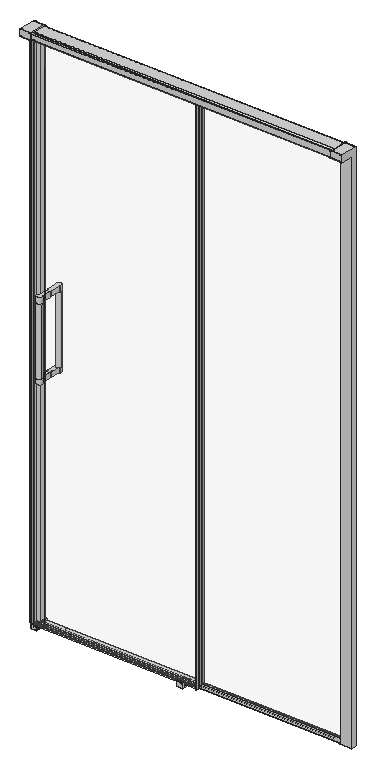
Revit family "Shower-Shower_Door-KOHLER-COMPOSED-1.1922.016_1", category Specialty Equipment, host Face, Revit 2017
Family settings
  Host = Face
  Round Connector Dimension = Use Diameter
  Part Type = Normal
  OmniClass Number = 23.31.17.17
  OmniClass Title = Shower Enclosures
  Cut with Voids When Loaded = No
  Shared = No
  Room Calculation Point = No
Parameters (values of type "Polished Chrome")
  Width [instance] = 47 31/128"
  WaterSense Certified = 1 = 0  # no
  URL = "https://www.kohler.co.uk/"
  Type = 1
  Product Page URL = ""
  Product Name = "COMPOSED"  # constant formula
  Product Documentation Link = ""
  Model = "1.1922.016"  # constant formula
  Material = "Premium Metal Construction"  # constant formula
  Master Format 2014 Name = "Shower Doors"  # constant formula
  Master Format 2014 = "10 28 19.16"  # constant formula
  Manufacturer Address = "Cromwell Road, Cheltenham, Gloucestershire. GL52 5EP Registered in England No. 252115"  # constant formula
  Manufacturer = "KOHLER Co."  # constant formula
  Length = 4.33071"  # constant formula
  Height = 78 105/128"  # constant formula
  Finish = Kohler-Metal-CP-Polished_Chrome
  Environmental Product Declaration = ""
  Description = "SLIDING DOOR 1200MM"  # constant formula
  Default Elevation = 4"
  Declare Label = ""
  Date Modified = "10/13/2021"  # constant formula
  Date Created = "10/13/2021"  # constant formula
  Copyright = "Copyright KOHLER Co."  # constant formula
  Contact Us = "https://www.kohler.co.uk/support/contact/"
  Assembly Code = "C1030200"
  ADA Compliant = 1 = 0  # no
Reference planes (in)
  plane 1 "Center (Front/Back)": y = 0
  plane 2: z = 0
  plane 3 "Center (Left/Right)": x = 0
  plane 4: z = 78.74016
  plane 5: z = 77.79528
  plane 6: z = 33.77953
  plane 7: z = 45.11811
  plane 8: x = -23.62205
  plane 9: x = -20.19699
  plane 10: x = -22.04724
  plane 11: x = 23.62014
  plane 12: y = -2.35852
  plane 13: y = -1.25984
  plane 14: y = 1.25984
  plane 15: y = 1.97219
  plane 16: x = 1.65354
  plane 17: x = 22.04534
  plane 18: y = -0.35064
  plane 19: y = -0.03568
  plane 20: z = 78.82031
Dimensions and locks (in)
  plane 4 to plane 5 = 0.94488"
  plane 6 to level = 33.77953"
  plane 7 to plane 6 = 11.33858"
  "Width": plane 11 to plane 8
  plane 16 to plane 8 = 25.27559"
  plane 9 to plane 8 = 3.42506"
  plane 5 to level = 77.79528"
  plane 18 to plane 12 = 2.00787"
  plane 15 to plane 19 = 2.00787"
  locked: plane 17 to plane 11 at 1.5748
  plane 8 to plane 10 = 1.5748"
  "Length": plane 15 to plane 12
  plane 14 to plane 13 = 2.51969"
  "Height": plane 20 to level
  plane 4 to level = 78.74016"
  aligned and locked: plane 2 to host face
  aligned and locked: level to host face
  aligned and locked: nested 1 to plane 3 "Center (Left/Right)"
Automatic sketch dimensions
  host sketch curve to host sketch curve = 96"  (x2)
Nested families (in)
  nested 1: "1.1922.016" at (-1.9685, 0, 0), type "1.1922.016"
Definition of nested family "1.1922.016"
  Parameters (values of type "1.1922.016")
    Width = 47.24409"
    Material = none
  Reference planes (in)
    plane 1 "Center (Front/Back)": y = 0
    plane 2: z = 0
    plane 3 "Center (Left/Right)": x = 0
    plane 4: y = 1.25984
    plane 5: y = -1.25984
    plane 6: x = -21.65354
    plane 7: x = 25.59055
    plane 8: x = 3.62205
    plane 9: x = -20.07874
    plane 10: y = 1.97219
    plane 11: y = -2.35852
    plane 12: y = -0.35064
    plane 13: y = -0.03568
    plane 14: x = -18.22849
    plane 15: z = 78.74016
    plane 16: z = 77.79528
    plane 17: z = 45.11811
    plane 18: z = 33.77953
    plane 19: x = 24.01575
    plane 20: x = 1.9685
    plane 21: z = 78.8189
  Forms (in)
    Extrusion 1, solid, material <- "Material", detail levels medium+fine
      sketch origin (0, 0, 0) x (0, 1, 0) y (0, 0, 1)
        loop
          arc (-1.22047, 78.8189) -> (-1.24831, 78.80737) -> (-1.25984, 78.77953) r 0.03937
          line (-1.25984, 78.77953) -> (-1.25984, 77.83465)
          arc (-1.25984, 77.83465) -> (-1.24831, 77.80681) -> (-1.22047, 77.79528) r 0.03937
          line (-1.22047, 77.79528) -> (0.53525, 77.79528) -> (0.53525, 0) -> (1.25984, 0) -> (1.25984, 78.77953)
          arc (1.25984, 78.77953) -> (1.24831, 78.80737) -> (1.22047, 78.8189) r 0.03937
          line (1.22047, 78.8189) -> (-1.22047, 78.8189)
      from 24.01575 to 25.59055
    Extrusion 2, solid, material <- "Material", detail levels medium+fine
      sketch origin (1.42856, 0, 0) x (0, 0, 1) y (0, -1, 0)
        loop
          arc (77.83465, 1.25984) -> (77.80681, 1.24831) -> (77.79528, 1.22047) r 0.03937
          line (77.79528, 1.22047) -> (77.79528, -1.22047)
          arc (77.79528, -1.22047) -> (77.80681, -1.24831) -> (77.83465, -1.25984) r 0.03937
          line (77.83465, -1.25984) -> (78.77953, -1.25984)
          arc (78.77953, -1.25984) -> (78.80737, -1.24831) -> (78.8189, -1.22047) r 0.03937
          line (78.8189, -1.22047) -> (78.8189, 1.22047)
          arc (78.8189, 1.22047) -> (78.80737, 1.24831) -> (78.77953, 1.25984) r 0.03937
          line (78.77953, 1.25984) -> (77.83465, 1.25984)
      from -23.0821 to -21.5073
    Extrusion 3, solid, material <- "Material", detail levels medium+fine
      sketch origin (0, 0, 0) x (1, 0, 0) y (0, 1, 0)
        loop
          arc (-21.61417, 0.63846) -> (-21.61974, 0.62428) -> (-21.63346, 0.61767) r 0.02085
          arc (-21.63346, 0.61767) -> (-21.64775, 0.61079) -> (-21.65354, 0.59602) r 0.02171
          line (-21.65354, 0.59602) -> (-21.65354, 0.56349)
          arc (-21.65354, 0.56349) -> (-21.64749, 0.54839) -> (-21.63269, 0.54164) r 0.02187
          arc (-21.63269, 0.54164) -> (-21.22991, 0.52763) -> (-20.82691, 0.52321) r 16.93887
          line (-20.82691, 0.52321) -> (-20.82691, -0.35909)
          arc (-20.82691, -0.35909) -> (-20.81342, -0.38898) -> (-20.78208, -0.39862) r 0.03984
          line (-20.78208, -0.39862) -> (-20.59034, -0.37439)
          arc (-20.59034, -0.37439) -> (-20.56645, -0.3436) -> (-20.59725, -0.31971) r 0.02756
          line (-20.59725, -0.31971) -> (-20.7606, -0.34035)
          arc (-20.7606, -0.34035) -> (-20.77944, -0.33455) -> (-20.78754, -0.3166) r 0.02394
          line (-20.78754, -0.3166) -> (-20.78754, -0.04168)
          arc (-20.78754, -0.04168) -> (-20.77949, -0.02392) -> (-20.76082, -0.01826) r 0.02362
          line (-20.76082, -0.01826) -> (-20.59826, -0.03979)
          arc (-20.59826, -0.03979) -> (-20.56732, -0.01609) -> (-20.59103, 0.01485) r 0.02756
          line (-20.59103, 0.01485) -> (-20.79542, 0.04191) -> (-20.79542, 0.52327)
          arc (-20.79542, 0.52327) -> (-20.43215, 0.52817) -> (-20.06907, 0.54087) r 16.93887
          arc (-20.06907, 0.54087) -> (-20.0424, 0.553) -> (-20.0315, 0.5802) r 0.03937
          line (-20.0315, 0.5802) -> (-20.0315, 1.2026)
          arc (-20.0315, 1.2026) -> (-20.0424, 1.22979) -> (-20.06907, 1.24193) r 0.03937
          arc (-20.06907, 1.24193) -> (-20.85089, 1.25959) -> (-21.63269, 1.24116) r 16.93887
          arc (-21.63269, 1.24116) -> (-21.64749, 1.23441) -> (-21.65354, 1.21931) r 0.02187
          line (-21.65354, 1.21931) -> (-21.65354, 1.18677)
          arc (-21.65354, 1.18677) -> (-21.64775, 1.17201) -> (-21.63346, 1.16513) r 0.02171
          arc (-21.63346, 1.16513) -> (-21.61974, 1.15852) -> (-21.61417, 1.14434) r 0.02085
          line (-21.61417, 1.14434) -> (-21.61417, 0.63846)
      from 0 to 77.79528
    Extrusion 4, solid, material <- "Material", detail levels medium+fine
      sketch origin (0, 0, 0) x (0, 1, 0) y (0, 0, 1)
        loop
          line (-0.55151, 0) -> (0.53525, 0) -> (0.53525, 0.57577)
          arc (0.53525, 0.57577) -> (0.52746, 0.59457) -> (0.50866, 0.60236) r 0.02659
          line (0.50866, 0.60236) -> (0.08257, 0.60236)
          arc (0.08257, 0.60236) -> (0.06571, 0.59538) -> (0.05873, 0.57852) r 0.02384
          line (0.05873, 0.57852) -> (0.05873, 0.54471)
          arc (0.05873, 0.54471) -> (0.0649, 0.5298) -> (0.07982, 0.52362) r 0.02109
          line (0.07982, 0.52362) -> (0.42064, 0.52362)
          arc (0.42064, 0.52362) -> (0.43616, 0.51719) -> (0.44259, 0.50168) r 0.02195
          line (0.44259, 0.50168) -> (0.44259, 0.137)
          arc (0.44259, 0.137) -> (0.43129, 0.10972) -> (0.40401, 0.09843) r 0.03858
          line (0.40401, 0.09843) -> (-0.4269, 0.09843)
          arc (-0.4269, 0.09843) -> (-0.44541, 0.10609) -> (-0.45308, 0.12461) r 0.02618
          line (-0.45308, 0.12461) -> (-0.45308, 0.58105)
          arc (-0.45308, 0.58105) -> (-0.45933, 0.59612) -> (-0.4744, 0.60236) r 0.02131
          line (-0.4744, 0.60236) -> (-0.52844, 0.60236)
          arc (-0.52844, 0.60236) -> (-0.54475, 0.59561) -> (-0.55151, 0.5793) r 0.02307
          line (-0.55151, 0.5793) -> (-0.55151, 0)
      from -20.55119 to -19.76379
    Extrusion 5, solid, material <- "Material", detail levels medium+fine
      sketch origin (0, 0, 0) x (0, 1, 0) y (0, 0, 1)
        loop
          line (1.16693, 0.02339) -> (1.16693, 0.58165)
          arc (1.16693, 0.58165) -> (1.16086, 0.5963) -> (1.14622, 0.60236) r 0.02071
          line (1.14622, 0.60236) -> (0.61574, 0.60236) -> (0.61574, 0.02343)
          arc (0.61574, 0.02343) -> (0.63937, -0.00019) -> (0.66299, 0.02343) r 0.02362
          line (0.66299, 0.02343) -> (0.66299, 0.05786)
          arc (0.66299, 0.05786) -> (0.6691, 0.07262) -> (0.68387, 0.07874) r 0.02088
          line (0.68387, 0.07874) -> (1.09896, 0.07874)
          arc (1.09896, 0.07874) -> (1.11361, 0.07267) -> (1.11968, 0.05802) r 0.02072
          line (1.11968, 0.05802) -> (1.11968, 0.02339)
          arc (1.11968, 0.02339) -> (1.1433, -0.00023) -> (1.16693, 0.02339) r 0.02362
      from -19.76379 to 24.01575
    Extrusion 6, solid, material <- "Material", detail levels medium+fine
      sketch origin (0, 0, 0) x (0, 1, 0) y (0, 0, 1)
        loop
          line (1.16693, 0.62377) -> (1.16693, 0.66823)
          arc (1.16693, 0.66823) -> (1.16112, 0.68202) -> (1.1472, 0.6875) r 0.01927
          line (1.1472, 0.6875) -> (0.41322, 0.67006) -> (0.09963, 0.66121)
          arc (0.09963, 0.66121) -> (0.08592, 0.64689) -> (0.10005, 0.63298) r 0.01411
          line (0.10005, 0.63298) -> (0.57051, 0.63386) -> (0.60201, 0.60236) -> (1.14551, 0.60236)
          arc (1.14551, 0.60236) -> (1.16065, 0.60863) -> (1.16693, 0.62377) r 0.02141
      from -20.07874 to 3.10645
    Extrusion 7, solid, material <- "Material", detail levels medium+fine
      sketch origin (0, 0, 0) x (0, 1, 0) y (0, 0, 1)
        loop
          line (-0.59786, 0) -> (0.61574, 0) -> (0.61574, 0.6752) -> (0.04143, 0.6752)
          arc (0.04143, 0.6752) -> (0.01359, 0.66367) -> (0.00206, 0.63583) r 0.03937
          line (0.00206, 0.63583) -> (0.00206, 0.1378)
          arc (0.00206, 0.1378) -> (-0.00947, 0.10996) -> (-0.03731, 0.09843) r 0.03937
          line (-0.03731, 0.09843) -> (-0.35227, 0.09843)
          arc (-0.35227, 0.09843) -> (-0.38011, 0.10996) -> (-0.39164, 0.1378) r 0.03937
          line (-0.39164, 0.1378) -> (-0.39164, 0.63583)
          arc (-0.39164, 0.63583) -> (-0.40317, 0.66367) -> (-0.43101, 0.6752) r 0.03937
          line (-0.43101, 0.6752) -> (-0.55849, 0.6752)
          arc (-0.55849, 0.6752) -> (-0.58633, 0.66367) -> (-0.59786, 0.63583) r 0.03937
          line (-0.59786, 0.63583) -> (-0.59786, 0)
      from 0.84646 to 1.7126
    Extrusion 8, solid, material <- "Material", detail levels medium+fine
      sketch origin (0, 0, 0) x (1, 0, 0) y (0, 1, 0)
        loop
          arc (3.58254, -0.34282) -> (3.57561, -0.35812) -> (3.55955, -0.363) r 0.02035
          line (3.55955, -0.363) -> (3.46483, -0.35064)
          arc (3.46483, -0.35064) -> (3.45355, -0.34036) -> (3.43913, -0.33538) r 0.03783
          line (3.43913, -0.33538) -> (3.4079, -0.3313)
          arc (3.4079, -0.3313) -> (3.37701, -0.35506) -> (3.40077, -0.38596) r 0.02756
          line (3.40077, -0.38596) -> (3.56112, -0.40688)
          arc (3.56112, -0.40688) -> (3.60635, -0.39312) -> (3.62584, -0.35006) r 0.0573
          line (3.62584, -0.35006) -> (3.62584, 0.18323)
          arc (3.62584, 0.18323) -> (3.60313, 0.32364) -> (3.53732, 0.44974) r 0.44544
          arc (3.53732, 0.44974) -> (3.49473, 0.4854) -> (3.44068, 0.49819) r 0.12061
          line (3.44068, 0.49819) -> (3.36969, 0.49819)
          arc (3.36969, 0.49819) -> (3.34607, 0.47457) -> (3.36969, 0.45094) r 0.02362
          line (3.36969, 0.45094) -> (3.44032, 0.45094)
          arc (3.44032, 0.45094) -> (3.4688, 0.44454) -> (3.49178, 0.42655) r 0.06648
          arc (3.49178, 0.42655) -> (3.55625, 0.3124) -> (3.5786, 0.18323) r 0.38438
          line (3.5786, 0.18323) -> (3.5786, 0.02575) -> (3.39953, 0.0058)
          arc (3.39953, 0.0058) -> (3.37514, -0.02501) -> (3.40617, -0.04911) r 0.02765
          line (3.40617, -0.04911) -> (3.4374, -0.04503)
          arc (3.4374, -0.04503) -> (3.45256, -0.03996) -> (3.4647, -0.02956) r 0.04168
          line (3.4647, -0.02956) -> (3.55834, -0.01734)
          arc (3.55834, -0.01734) -> (3.57525, -0.02248) -> (3.58254, -0.03858) r 0.02142
          line (3.58254, -0.03858) -> (3.58254, -0.34282)
        loop
          arc (3.14943, 1.13142) -> (3.15635, 1.14671) -> (3.17241, 1.1516) r 0.02035
          line (3.17241, 1.1516) -> (3.26713, 1.13924)
          arc (3.26713, 1.13924) -> (3.27841, 1.12896) -> (3.29283, 1.12398) r 0.03783
          line (3.29283, 1.12398) -> (3.32406, 1.1199)
          arc (3.32406, 1.1199) -> (3.35495, 1.14366) -> (3.33119, 1.17455) r 0.02756
          line (3.33119, 1.17455) -> (3.17084, 1.19548)
          arc (3.17084, 1.19548) -> (3.12562, 1.18172) -> (3.10612, 1.13866) r 0.0573
          line (3.10612, 1.13866) -> (3.10612, 0.60537)
          arc (3.10612, 0.60537) -> (3.12883, 0.46496) -> (3.19464, 0.33886) r 0.44544
          arc (3.19464, 0.33886) -> (3.23723, 0.3032) -> (3.29128, 0.29041) r 0.12061
          line (3.29128, 0.29041) -> (3.36227, 0.29041)
          arc (3.36227, 0.29041) -> (3.38589, 0.31403) -> (3.36227, 0.33765) r 0.02362
          line (3.36227, 0.33765) -> (3.29164, 0.33765)
          arc (3.29164, 0.33765) -> (3.26316, 0.34406) -> (3.24018, 0.36205) r 0.06648
          arc (3.24018, 0.36205) -> (3.17572, 0.4762) -> (3.15336, 0.60537) r 0.38438
          line (3.15336, 0.60537) -> (3.15336, 0.76285) -> (3.33243, 0.7828)
          arc (3.33243, 0.7828) -> (3.35682, 0.8136) -> (3.32579, 0.83771) r 0.02765
          line (3.32579, 0.83771) -> (3.29456, 0.83363)
          arc (3.29456, 0.83363) -> (3.2794, 0.82856) -> (3.26726, 0.81815) r 0.04168
          line (3.26726, 0.81815) -> (3.17362, 0.80593)
          arc (3.17362, 0.80593) -> (3.15671, 0.81108) -> (3.14943, 0.82718) r 0.02142
          line (3.14943, 0.82718) -> (3.14943, 1.13142)
      from 0.36643 to 77.79528
    Extrusion 9, solid, material <- "Material", detail levels medium+fine
      sketch origin (0, 0, 0) x (0, 1, 0) y (0, 0, 1)
        loop
          arc (-1.1649, 77.8382) -> (-1.15233, 77.80785) -> (-1.12198, 77.79528) r 0.04292
          line (-1.12198, 77.79528) -> (-0.48364, 77.79528)
          arc (-0.48364, 77.79528) -> (-0.45804, 77.82087) -> (-0.48364, 77.84647) r 0.0256
          line (-0.48364, 77.84647) -> (-1.08616, 77.84647) -> (-1.08616, 78.55868) -> (-0.74681, 78.55868) -> (-0.63621, 78.6693) -> (0.25573, 78.6693) -> (0.25573, 77.84646) -> (0.10897, 77.84646)
          arc (0.10897, 77.84646) -> (0.08338, 77.82087) -> (0.10897, 77.79528) r 0.02559
          line (0.10897, 77.79528) -> (1.13549, 77.79528)
          arc (1.13549, 77.79528) -> (1.16333, 77.80681) -> (1.17486, 77.83465) r 0.03937
          line (1.17486, 77.83465) -> (1.17486, 78.7008)
          arc (1.17486, 78.7008) -> (1.16333, 78.72864) -> (1.13549, 78.74017) r 0.03937
          line (1.13549, 78.74017) -> (-0.66557, 78.74017) -> (-0.77617, 78.62955) -> (-1.01238, 78.62955) -> (-1.11296, 78.73011)
          arc (-1.11296, 78.73011) -> (-1.14612, 78.73671) -> (-1.1649, 78.7086) r 0.03043
          line (-1.1649, 78.7086) -> (-1.1649, 77.8382)
      from -20.07874 to 24.01575
    Extrusion 10, solid
      sketch origin (0, 0, 0) x (1, 0, 0) y (0, 1, 0)
        loop
          line (-20.78754, -0.07505) -> (-20.78754, -0.31127) -> (-20.74817, -0.35064) -> (3.54317, -0.35064) -> (3.58254, -0.31127) -> (3.58254, -0.07505) -> (3.54317, -0.03568) -> (-20.74817, -0.03568) -> (-20.78754, -0.07505)
        loop
          line (24.60612, 0.80669) -> (24.60612, 1.04291) -> (24.56675, 1.08228) -> (3.1888, 1.08228) -> (3.14943, 1.04291) -> (3.14943, 0.80669) -> (3.1888, 0.76732) -> (24.56675, 0.76732) -> (24.60612, 0.80669)
      from 0.36643 to 78.24803
    Extrusion 11, solid, material <- "Material"
      sketch origin (0, 0, 0) x (1, 0, 0) y (0, 1, 0)
        loop
          line (-17.93321, -0.39001) -> (-18.04861, -0.39001) -> (-18.04861, 0.00369) -> (-17.93321, 0.00369) -> (-17.93321, 1.25102)
          arc (-17.93321, 1.25102) -> (-17.92474, 1.30814) -> (-17.90005, 1.36036) r 0.19685
          arc (-17.90005, 1.36036) -> (-18.22616, 1.97274) -> (-18.55622, 1.36248) r 0.3937
          arc (-18.55622, 1.36248) -> (-18.53205, 1.31071) -> (-18.52376, 1.25419) r 0.19685
          line (-18.52376, 1.25419) -> (-18.52376, 0.00369) -> (-18.40392, 0.00369) -> (-18.40392, -0.39001) -> (-18.52376, -0.39001) -> (-18.52376, -1.64052)
          arc (-18.52376, -1.64052) -> (-18.53205, -1.69704) -> (-18.55622, -1.7488) r 0.19685
          arc (-18.55622, -1.7488) -> (-18.22616, -2.35906) -> (-17.90005, -1.74668) r 0.3937
          arc (-17.90005, -1.74668) -> (-17.92474, -1.69447) -> (-17.93321, -1.63734) r 0.19685
          line (-17.93321, -1.63734) -> (-17.93321, -0.39001)
      from 44.40186 to 45.11811
    Extrusion 12, solid, material <- "Material"
      sketch origin (0, 0, 0) x (1, 0, 0) y (0, 1, 0)
        loop
          line (-17.93321, -0.39001) -> (-18.04861, -0.39001) -> (-18.04861, 0.00369) -> (-17.93321, 0.00369) -> (-17.93321, 1.25102)
          arc (-17.93321, 1.25102) -> (-17.92474, 1.30814) -> (-17.90005, 1.36036) r 0.19685
          arc (-17.90005, 1.36036) -> (-18.22616, 1.97274) -> (-18.55622, 1.36248) r 0.3937
          arc (-18.55622, 1.36248) -> (-18.53205, 1.31071) -> (-18.52376, 1.25419) r 0.19685
          line (-18.52376, 1.25419) -> (-18.52376, 0.00369) -> (-18.40392, 0.00369) -> (-18.40392, -0.39001) -> (-18.52376, -0.39001) -> (-18.52376, -1.64052)
          arc (-18.52376, -1.64052) -> (-18.53205, -1.69704) -> (-18.55622, -1.7488) r 0.19685
          arc (-18.55622, -1.7488) -> (-18.22616, -2.35906) -> (-17.90005, -1.74668) r 0.3937
          arc (-17.90005, -1.74668) -> (-17.92474, -1.69447) -> (-17.93321, -1.63734) r 0.19685
          line (-17.93321, -1.63734) -> (-17.93321, -0.39001)
      from 33.77953 to 34.4806
    Extrusion 13, solid, material <- "Material"
      sketch origin (0, 0, 0) x (1, 0, 0) y (0, 1, 0)
        loop
          circle (-18.22743, 1.57904) r 0.3937
        loop
          circle (-18.22743, -1.96536) r 0.3937
      from 34.4806 to 44.40186
    Extrusion 14, solid, material <- "Material", detail levels medium+fine
      sketch origin (0, -4.7515, 0) x (0, 1, 0) y (0, 0, 1)
        loop
          line (5.97103, 0.78803) -> (5.31384, 0.77242)
          arc (5.31384, 0.77242) -> (5.28661, 0.76057) -> (5.2754, 0.73306) r 0.03937
          line (5.2754, 0.73306) -> (5.2754, 0) -> (5.33234, 0) -> (5.33234, 0.68659) -> (5.91108, 0.70034) -> (5.91108, 0) -> (6.01134, 0) -> (6.01134, 0.74867)
          arc (6.01134, 0.74867) -> (5.99947, 0.77684) -> (5.97103, 0.78803) r 0.03937
      from -20.07874 to -19.76379
    Extrusion 15, solid, material <- "Material", detail levels coarse
      sketch origin (0, 0, 0) x (1, 0, 0) y (0, 1, 0)
        loop
          line (-21.65354, 1.25984) -> (-21.65354, -1.25984) -> (25.59055, -1.25984) -> (25.59055, 1.25984) -> (-21.65354, 1.25984)
      from 77.79528 to 78.8189
    Extrusion 16, solid, material <- "Material", detail levels coarse
      sketch origin (0, 0, 0) x (1, 0, 0) y (0, 1, 0)
        loop
          line (-21.65354, 1.25984) -> (-21.65354, -0.27559) -> (-20.07874, -0.27559) -> (-20.07874, 1.25984) -> (-21.65354, 1.25984)
        loop
          line (2.92712, 1.25984) -> (2.92712, -0.46872) -> (3.62205, -0.46872) -> (3.62205, 1.25984) -> (2.92712, 1.25984)
        loop
          line (25.59055, 1.25984) -> (24.01575, 1.25984) -> (24.01575, -0.27559) -> (25.59055, -0.27559) -> (25.59055, 1.25984)
      from 0 to 77.79528
    Extrusion 17, solid, material <- "Material", detail levels coarse
      sketch origin (1.42856, 0, 0) x (0, 0, 1) y (0, -1, 0)
        loop
          line (1.3377, -1.25984) -> (1.3377, 0.35466) -> (0, 0.35466) -> (0, -1.25984) -> (1.3377, -1.25984)
      from -23.0821 to 24.162
  Cuts and joins
    joined: Extrusion 3, Extrusion 6, Extrusion 9
    joined: Extrusion 1, Extrusion 2
    joined: Extrusion 4, Extrusion 7, Extrusion 8
    joined: Extrusion 11, Extrusion 12, Extrusion 13
    joined: Extrusion 5, Extrusion 14
    joined: Extrusion 15, Extrusion 16, Extrusion 17
  Lines and regions (in)
    Masking region 1
      outline origin (0, 0, 0) x (1, 0, 0) y (0, 1, 0)
        loop
          line (-21.65354, 1.25984) -> (-21.65354, -1.25984) -> (-20.07874, -1.25984) -> (-20.07874, -1.1649) -> (-18.52376, -1.1649) -> (-18.52376, -1.64052)
          arc (-18.52376, -1.64052) -> (-18.53205, -1.69704) -> (-18.55622, -1.7488) r 0.19685
          arc (-18.55622, -1.7488) -> (-18.22616, -2.35906) -> (-17.90005, -1.74668) r 0.3937
          arc (-17.90005, -1.74668) -> (-17.92474, -1.69447) -> (-17.93321, -1.63734) r 0.19685
          line (-17.93321, -1.63734) -> (-17.93321, -1.1649) -> (24.01575, -1.1649) -> (24.01575, -1.25984) -> (25.59055, -1.25984) -> (25.59055, 1.25984) -> (24.01575, 1.25984) -> (24.01575, 1.17486) -> (-17.93321, 1.17486) -> (-17.93321, 1.25102)
          arc (-17.93321, 1.25102) -> (-17.92474, 1.30814) -> (-17.90005, 1.36036) r 0.19685
          arc (-17.90005, 1.36036) -> (-18.22616, 1.97274) -> (-18.55622, 1.36248) r 0.3937
          arc (-18.55622, 1.36248) -> (-18.53205, 1.31071) -> (-18.52376, 1.25419) r 0.19685
          line (-18.52376, 1.25419) -> (-18.52376, 1.17486) -> (-19.76379, 1.17486) -> (-19.76379, 1.25984) -> (-21.65354, 1.25984)
    Masking region 2
      outline origin (0, 0, 0) x (1, 0, 0) y (0, 0, 1)
        loop
          line (-21.65354, 78.8189) -> (-21.65354, 0) -> (25.59055, 0) -> (25.59055, 78.8189) -> (24.01575, 78.8189) -> (24.01575, 78.74016) -> (-20.07874, 78.74016) -> (-20.07874, 78.8189) -> (-21.65354, 78.8189)
    Masking region 3
      outline origin (1.42856, 0, 0) x (0, 0, 1) y (0, -1, 0)
        loop
          arc (77.83465, 1.25984) -> (77.80681, 1.24831) -> (77.79528, 1.22047) r 0.03937
          line (77.79528, 1.22047) -> (77.79528, 0.40688) -> (45.11811, 0.40688) -> (45.11811, 2.35852) -> (33.77953, 2.35852) -> (33.77953, 0.40688) -> (0.6752, 0.40688) -> (0.6752, 0.55849)
          arc (0.6752, 0.55849) -> (0.66367, 0.58633) -> (0.63583, 0.59786) r 0.03937
          line (0.63583, 0.59786) -> (0, 0.59786) -> (0, -1.25984) -> (33.77953, -1.25984) -> (33.77953, -1.97219) -> (45.11811, -1.97219) -> (45.11811, -1.25984) -> (78.77953, -1.25984)
          arc (78.77953, -1.25984) -> (78.80737, -1.24831) -> (78.8189, -1.22047) r 0.03937
          line (78.8189, -1.22047) -> (78.8189, 1.22047)
          arc (78.8189, 1.22047) -> (78.80737, 1.24831) -> (78.77953, 1.25984) r 0.03937
          line (78.77953, 1.25984) -> (77.83465, 1.25984)
        loop
          line (44.40186, 1.57111) -> (34.4806, 1.57111) -> (34.4806, 0.40688) -> (44.40186, 0.40688) -> (44.40186, 1.57111)
    symbolic lines, detail levels medium+fine
      curve 1: line (-20.07874, 1.25984, 0) -> (-20.07874, -1.25984, 0)
      curve 2: line (-19.76379, 1.17486, 0) -> (-20.07874, 1.17486, 0)
      curve 3: line (-17.93321, 1.17486, 0) -> (-18.52376, 1.17486, 0)
      curve 4: line (-18.52376, -1.1649, 0) -> (-17.93321, -1.1649, 0)
      curve 5: line (-20.07874, -0.66557, 0) -> (24.01575, -0.66557, 0)
      curve 6: line (-20.07874, -0.77617, 0) -> (24.01575, -0.77617, 0)
      curve 7: line (-20.07874, -1.01238, 0) -> (24.01575, -1.01238, 0)
      curve 8: line (24.01575, 1.17486, 0) -> (24.01575, -1.1649, 0)
      curve 9: circle (22.44057, 0.9058, 0) r 0.15748 normal (0, 0, 1)
      curve 10: circle (-12.02435, 0.41322, 0) r 0.23622 normal (0, 0, 1)
      curve 11: line (-20.82691, 0, 77.74804) -> (-20.82691, 0, 0.72504)
      curve 12: line (-20.56624, 0, 77.59843) -> (-20.56624, 0, 0)
      curve 13: line (-20.56624, 0, 77.59843) -> (-20.82691, 0, 77.59843)
      curve 14: line (-20.56624, 0, 0.72504) -> (-20.82691, 0, 0.72504)
      curve 15: line (-19.76379, 0, 0) -> (-19.76379, 0, 0.60236)
      curve 16: line (-20.55119, 0, 0.60236) -> (-20.55119, 0, 0)
      curve 17: line (3.62584, 0, 0.36643) -> (1.7126, 0, 0.36643)
      curve 18: line (-20.78754, 0, 0.36643) -> (-20.78754, 0, 0.72504)
      curve 19: line (-20.55119, 0, 0.60236) -> (-19.76379, 0, 0.60236)
      curve 20: line (-20.55119, 0, 0.36643) -> (-20.78754, 0, 0.36643)
      curve 21: line (0.84646, 0, 0.6752) -> (0.84646, 0, 0)
      curve 22: line (1.7126, 0, 0) -> (1.7126, 0, 0.6752)
      curve 23: line (0.84646, 0, 0.6752) -> (1.7126, 0, 0.6752)
      curve 24: line (0.84646, 0, 0.36643) -> (-19.76379, 0, 0.36643)
      curve 25: line (3.36969, 0, 0.36643) -> (3.36969, 0, 77.79528)
      curve 26: line (3.62584, 0, 0.36643) -> (3.62584, 0, 77.79528)
      curve 27: line (24.01575, 0, 0.60236) -> (3.62584, 0, 0.60236)
      curve 28: line (24.01575, 0, 78.74016) -> (24.01575, 0, 0)
      curve 29: line (-20.07874, 0, 77.79528) -> (24.01575, 0, 77.79528)
      curve 30: line (24.01575, 0, 77.70375) -> (25.59055, 0, 77.70375)
      curve 31: line (-21.65354, 0, 77.74804) -> (-20.07874, 0, 77.74804)
      curve 32: line (-20.07874, 0, 78.74016) -> (-20.07874, 0, 77.74804)
      curve 33: line (-18.62113, 0, 45.11811) -> (-17.83373, 0, 45.11811)
      curve 34: line (-18.62113, 0, 33.77953) -> (-18.62113, 0, 45.11811)
      curve 35: line (-17.83373, 0, 33.77953) -> (-18.62113, 0, 33.77953)
      curve 36: line (-17.83373, 0, 45.11811) -> (-17.83373, 0, 33.77953)
      curve 37: line (1.42856, 1.25984, 77.79528) -> (1.42856, -0.39893, 77.79528)
      curve 38: line (1.42856, 0.53525, 77.79528) -> (1.42856, 0.53525, 0)
      curve 39: line (1.42856, 1.16385, 0) -> (1.42856, 1.16385, 77.79528)
      curve 40: line (1.42856, 0.62487, 0) -> (1.42856, 0.62487, 77.79528)
      curve 41: line (1.42856, -1.74668, 44.4806) -> (1.42856, -1.74668, 45.11811)
      curve 42: line (1.42856, -1.66794, 44.40186) -> (1.42856, -1.57166, 44.40186)
      curve 43: line (1.42856, 1.36248, 44.47939) -> (1.42856, 1.36248, 45.11811)
      curve 44: line (1.42856, 1.28494, 44.40186) -> (1.42856, 1.25984, 44.40186)
      curve 45: line (1.42856, -0.40688, 44.40186) -> (1.42856, -0.40688, 45.11811)
      curve 46: line (1.42856, 1.25984, 45.11811) -> (1.42856, 1.25984, 33.77953)
      curve 47: arc (1.42856, -1.74668, 44.4806) -> (1.42856, -1.72362, 44.42492) -> (1.42856, -1.66794, 44.40186) r 0.07874
      curve 48: arc (1.42856, 1.36248, 44.47939) -> (1.42856, 1.33977, 44.42457) -> (1.42856, 1.28494, 44.40186) r 0.07753
      curve 49: line (1.42856, -1.74668, 34.41704) -> (1.42856, -1.74668, 33.77953)
      curve 50: line (1.42856, -1.66794, 34.49578) -> (1.42856, -1.57166, 34.49578)
      curve 51: line (1.42856, 1.36248, 34.38804) -> (1.42856, 1.36248, 33.77953)
      curve 52: line (1.42856, -0.40688, 34.49578) -> (1.42856, -0.40688, 33.77953)
      curve 53: arc (1.42856, -1.74668, 34.41704) -> (1.42856, -1.72362, 34.47272) -> (1.42856, -1.66794, 34.49578) r 0.07874
      curve 54: line (1.42856, 1.25984, 34.46678) -> (1.42856, 1.28374, 34.46678)
      curve 55: arc (1.42856, 1.28374, 34.46678) -> (1.42856, 1.33941, 34.44371) -> (1.42856, 1.36248, 34.38804) r 0.07874
      curve 56: line (1.42856, -0.40688, 0.6752) -> (1.42856, 0.53525, 0.6752)
      curve 57: line (1.42856, -0.55151, 0.5793) -> (1.42856, -0.55151, 0)
      curve 58: line (1.42856, -0.40688, 0.09843) -> (1.42856, -0.4269, 0.09843)
      curve 59: arc (1.42856, -0.4269, 0.09843) -> (1.42856, -0.44541, 0.10609) -> (1.42856, -0.45308, 0.12461) r 0.02618
      curve 60: line (1.42856, -0.45308, 0.12461) -> (1.42856, -0.45308, 0.58105)
      curve 61: line (1.42856, -0.4744, 0.60236) -> (1.42856, -0.52844, 0.60236)
      curve 62: arc (1.42856, -0.45308, 0.58105) -> (1.42856, -0.45933, 0.59612) -> (1.42856, -0.4744, 0.60236) r 0.02131
      curve 63: arc (1.42856, -0.52844, 0.60236) -> (1.42856, -0.54475, 0.59561) -> (1.42856, -0.55151, 0.5793) r 0.02307
      curve 64: line (1.42856, 0.08257, 0.60236) -> (1.42856, 0.50866, 0.60236)
      curve 65: arc (1.42856, 0.50866, 0.60236) -> (1.42856, 0.52746, 0.59457) -> (1.42856, 0.53525, 0.57577) r 0.02659
      curve 66: line (1.42856, -0.4269, 0.09843) -> (1.42856, 0.40401, 0.09843)
      curve 67: arc (1.42856, 0.40401, 0.09843) -> (1.42856, 0.43129, 0.10972) -> (1.42856, 0.44259, 0.137) r 0.03858
      curve 68: line (1.42856, 0.44259, 0.137) -> (1.42856, 0.44259, 0.50168)
      curve 69: arc (1.42856, 0.44259, 0.50168) -> (1.42856, 0.43616, 0.51719) -> (1.42856, 0.42064, 0.52362) r 0.02195
      curve 70: line (1.42856, 0.42064, 0.52362) -> (1.42856, 0.07982, 0.52362)
      curve 71: arc (1.42856, 0.07982, 0.52362) -> (1.42856, 0.0649, 0.5298) -> (1.42856, 0.05873, 0.54471) r 0.02109
      curve 72: line (1.42856, 0.05873, 0.54471) -> (1.42856, 0.05873, 0.57852)
      curve 73: arc (1.42856, 0.05873, 0.57852) -> (1.42856, 0.06571, 0.59538) -> (1.42856, 0.08257, 0.60236) r 0.02384
      curve 74: line (1.42856, 0.00206, 0.63583) -> (1.42856, 0.00206, 0.1378)
      curve 75: arc (1.42856, 0.04143, 0.6752) -> (1.42856, 0.01359, 0.66367) -> (1.42856, 0.00206, 0.63583) r 0.03937
      curve 76: line (1.42856, -0.39164, 0.1378) -> (1.42856, -0.39164, 0.63583)
      curve 77: arc (1.42856, -0.35227, 0.09843) -> (1.42856, -0.38011, 0.10996) -> (1.42856, -0.39164, 0.1378) r 0.03937
      curve 78: arc (1.42856, 0.00206, 0.1378) -> (1.42856, -0.00947, 0.10996) -> (1.42856, -0.03731, 0.09843) r 0.03937
      curve 79: arc (1.42856, -0.39164, 0.63583) -> (1.42856, -0.40317, 0.66367) -> (1.42856, -0.43101, 0.6752) r 0.03937
  Dimensions and locks (in)
    plane 5 to plane 4 = 2.51969"
    plane 6 to plane 7 = 47.24409"
    locked: plane 6 to plane 9 at 1.5748
    plane 11 to plane 12 = 2.00787"
    plane 10 to plane 13 = 2.00787"
    locked: plane 6 to plane 14 at 3.42506
    plane 15 to level = 78.74016"
    plane 16 to level = 77.79528"
    plane 18 to level = 33.77953"
    plane 17 to plane 18 = 11.33858"
    locked: plane 19 to plane 7 at 1.5748
    "Width": plane 7 to plane 6
    locked: plane 3 "Center (Left/Right)" to plane 6 at 21.65354
    locked: Extrusion 10 sketch curve to plane 7 at 0.98443
    plane 8 to plane 6 = 25.27559"
    locked: plane 20 to plane 6 at 23.62205
    aligned and locked: level to plane 2
    aligned and locked: Extrusion 1 to plane 7
    aligned and locked: plane 19 to Extrusion 1
    aligned and locked: Extrusion 2 to plane 6
    aligned and locked: plane 9 to Extrusion 2
    aligned and locked: plane 16 to Extrusion 3
    aligned and locked: plane 16 to Extrusion 8
    aligned and locked: Extrusion 9 to plane 9
    aligned and locked: Extrusion 9 to plane 19
    aligned and locked: Extrusion 5 to plane 19
    aligned and locked: plane 17 to Extrusion 11
    aligned and locked: Extrusion 12 to plane 18
    aligned and locked: Masking region 1 sketch curve to plane 4  (x2)
    aligned and locked: Masking region 1 sketch curve to plane 6
    aligned and locked: plane 5 to Masking region 1 sketch curve  (x2)
    aligned and locked: Masking region 1 sketch curve to plane 9
    aligned and locked: cut or joined group of Extrusion 5, Extrusion 14 to Masking region 1 sketch curve
    aligned and locked: cut or joined group of Extrusion 11, Extrusion 12, Extrusion 13 to Masking region 1 sketch curve  (x2)
    aligned and locked: Masking region 1 sketch curve to cut or joined group of Extrusion 11, Extrusion 12, Extrusion 13  (x6)
    aligned and locked: plane 7 to Masking region 1 sketch curve
    aligned and locked: plane 19 to Masking region 1 sketch curve  (x2)
    aligned and locked: curve 1 to plane 9
    aligned and locked: Masking region 1 to curve 2
    aligned and locked: Masking region 1 to curve 3
    aligned and locked: Masking region 1 to curve 4
    aligned and locked: curve 5 to cut or joined group of Extrusion 3, Extrusion 6, Extrusion 9
    aligned and locked: curve 6 to cut or joined group of Extrusion 3, Extrusion 6, Extrusion 9
    aligned and locked: curve 7 to cut or joined group of Extrusion 3, Extrusion 6, Extrusion 9
    aligned and locked: plane 19 to curve 8
    aligned and locked: Masking region 2 sketch curve to plane 6
    aligned and locked: Masking region 2 sketch curve to plane 15
    aligned and locked: plane 7 to Masking region 2 sketch curve
    aligned and locked: Masking region 2 sketch curve to level
    aligned and locked: cut or joined group of Extrusion 3, Extrusion 6, Extrusion 9 to curve 11
    aligned and locked: curve 15 to cut or joined group of Extrusion 4, Extrusion 7, Extrusion 8
    aligned and locked: curve 21 to cut or joined group of Extrusion 4, Extrusion 7, Extrusion 8
    aligned and locked: curve 22 to cut or joined group of Extrusion 4, Extrusion 7, Extrusion 8
    aligned and locked: curve 27 to cut or joined group of Extrusion 5, Extrusion 14
    aligned and locked: cut or joined group of Extrusion 1, Extrusion 2 to curve 28
    aligned and locked: curve 29 to plane 16
    aligned and locked: curve 32 to plane 9
    aligned and locked: curve 33 to cut or joined group of Extrusion 11, Extrusion 12, Extrusion 13
    aligned and locked: curve 35 to cut or joined group of Extrusion 11, Extrusion 12, Extrusion 13
    aligned and locked: curve 38 to cut or joined group of Extrusion 1, Extrusion 2
    aligned and locked: Extrusion 15 sketch curve to plane 6
    aligned and locked: plane 7 to Extrusion 15 sketch curve
    aligned and locked: Extrusion 15 to plane 16
    aligned and locked: plane 7 to Extrusion 16 sketch curve
    aligned and locked: plane 19 to Extrusion 16 sketch curve
    aligned and locked: plane 16 to Extrusion 16
    aligned and locked: Extrusion 17 to plane 6
    aligned and locked: Extrusion 17 to plane 7
    aligned and locked: plane 19 to Masking region 2 sketch curve
  Automatic sketch dimensions
    Extrusion 4 sketch curve to level = 0"
    plane 12 to Extrusion 4 sketch curve = 0.20087"
    Extrusion 4 sketch curve to Extrusion 4 sketch curve = 0.02307"
    Extrusion 4 sketch curve to Extrusion 4 sketch curve = 0.05405"
    Extrusion 4 sketch curve to Extrusion 4 sketch curve = 0.02131"
    Extrusion 4 sketch curve to Extrusion 4 sketch curve = 0.02618"
    Extrusion 4 sketch curve to plane 1 "Center (Front/Back)" = 0.05873"
    Extrusion 4 sketch curve to Extrusion 4 sketch curve = 0.02109"
    Extrusion 4 sketch curve to Extrusion 4 sketch curve = 0.02384"
    level to Extrusion 4 sketch curve = 0.09843"
    Extrusion 4 sketch curve to plane 1 "Center (Front/Back)" = 0.40401"
    Extrusion 4 sketch curve to Extrusion 4 sketch curve = 0.34082"
    Extrusion 4 sketch curve to Extrusion 4 sketch curve = 0.02195"
    Extrusion 4 sketch curve to Extrusion 4 sketch curve = 0.08802"
    Extrusion 4 sketch curve to Extrusion 4 sketch curve = 0.13124"
    Extrusion 4 sketch curve to Extrusion 4 sketch curve = 0.36468"
    Extrusion 4 sketch curve to Extrusion 4 sketch curve = 0.0741"
    Extrusion 4 sketch curve to Extrusion 4 sketch curve = 0.45469"
    Extrusion 5 sketch curve to plane 1 "Center (Front/Back)" = 0.61574"
    Extrusion 5 sketch curve to Extrusion 5 sketch curve = 0.02362"  (x2)
    Extrusion 5 sketch curve to Extrusion 5 sketch curve = 0.02088"
    level to Extrusion 5 sketch curve = 0.05802"
    Extrusion 5 sketch curve to plane 4 = 0.16088"
    Extrusion 5 sketch curve to Extrusion 5 sketch curve = 0.02072"
    Extrusion 5 sketch curve to Extrusion 5 sketch curve = 0.02071"
    level to Extrusion 5 sketch curve = 3/128"
    level to Extrusion 5 sketch curve = 0.02339"
    Extrusion 5 sketch curve to Extrusion 5 sketch curve = 0.50291"
    Extrusion 6 sketch curve to plane 1 "Center (Front/Back)" = 0.09963"
    Extrusion 6 sketch curve to Extrusion 6 sketch curve = 0.0004"
    Extrusion 6 sketch curve to Extrusion 6 sketch curve = 0.00003"
    Extrusion 6 sketch curve to Extrusion 6 sketch curve = 0.31358"
    Extrusion 6 sketch curve to Extrusion 6 sketch curve = 0.1573"
    Extrusion 6 sketch curve to Extrusion 6 sketch curve = 0.0315"  (x2)
    Extrusion 6 sketch curve to plane 4 = 0.11433"
    Extrusion 6 sketch curve to Extrusion 6 sketch curve = 0.00168"
    Extrusion 6 sketch curve to Extrusion 6 sketch curve = 0.00046"
    Extrusion 6 sketch curve to Extrusion 6 sketch curve = 0.01927"
    level to Extrusion 6 sketch curve = 0.60236"
    Extrusion 6 sketch curve to Extrusion 6 sketch curve = 0.03062"
    Extrusion 6 sketch curve to Extrusion 6 sketch curve = 0.01411"
    Extrusion 6 sketch curve to Extrusion 6 sketch curve = 0.04446"
    Extrusion 6 sketch curve to Extrusion 6 sketch curve = 0.0362"
    Extrusion 7 sketch curve to level = 0"
    plane 12 to Extrusion 7 sketch curve = 0.24722"
    Extrusion 7 sketch curve to Extrusion 7 sketch curve = 0.03937"
    plane 12 to Extrusion 7 sketch curve = 0.08037"
    plane 12 to Extrusion 7 sketch curve = 0.041"
    plane 12 to Extrusion 7 sketch curve = 0.00163"
    plane 13 to Extrusion 7 sketch curve = 0.00163"
    Extrusion 7 sketch curve to plane 1 "Center (Front/Back)" = 0.00206"
    Extrusion 7 sketch curve to plane 1 "Center (Front/Back)" = 0.04143"
    Extrusion 7 sketch curve to Extrusion 7 sketch curve = 0.57431"
    level to Extrusion 7 sketch curve = 0.09843"
    Extrusion 7 sketch curve to Extrusion 7 sketch curve = 0.49803"
    Extrusion 7 sketch curve to Extrusion 7 sketch curve = 0"
    plane 12 to Extrusion 8 sketch curve = 0"
    Extrusion 8 sketch curve to plane 8 = 0.51593"
    Extrusion 8 sketch curve to Extrusion 8 sketch curve = 0.04331"
    Extrusion 8 sketch curve to Extrusion 8 sketch curve = 0.00394"
    Extrusion 8 sketch curve to Extrusion 8 sketch curve = 0.014"
    Extrusion 8 sketch curve to Extrusion 8 sketch curve = 0.00635"  (x2)
    Extrusion 8 sketch curve to plane 4 = 0.06436"
    Extrusion 8 sketch curve to Extrusion 8 sketch curve = 0.00742"
    Extrusion 8 sketch curve to Extrusion 8 sketch curve = 0.02142"
    Extrusion 8 sketch curve to plane 4 = 0.10824"
    Extrusion 8 sketch curve to Extrusion 8 sketch curve = 0.00899"
    Extrusion 8 sketch curve to Extrusion 8 sketch curve = 0.00277"  (x2)
    Extrusion 8 sketch curve to plane 1 "Center (Front/Back)" = 0.18323"
    Extrusion 8 sketch curve to Extrusion 8 sketch curve = 0.02704"
    Extrusion 8 sketch curve to Extrusion 8 sketch curve = 0.01382"  (x2)
    Extrusion 8 sketch curve to plane 4 = 0.1206"
    Extrusion 8 sketch curve to Extrusion 8 sketch curve = 0.09472"
    Extrusion 8 sketch curve to Extrusion 8 sketch curve = 0.09364"
    Extrusion 8 sketch curve to Extrusion 8 sketch curve = 0.09706"
    Extrusion 8 sketch curve to Extrusion 8 sketch curve = 0.00036"  (x2)
    Extrusion 8 sketch curve to plane 4 = 0.13587"
    Extrusion 8 sketch curve to Extrusion 8 sketch curve = 0.0257"  (x2)
    Extrusion 8 sketch curve to Extrusion 8 sketch curve = 0.0273"
    Extrusion 8 sketch curve to Extrusion 8 sketch curve = 0.03059"
    Extrusion 8 sketch curve to Extrusion 8 sketch curve = 0.00539"
    Extrusion 8 sketch curve to plane 4 = 0.13994"
    Extrusion 8 sketch curve to Extrusion 8 sketch curve = 1/32"  (x4)
    Extrusion 8 sketch curve to Extrusion 8 sketch curve = 0.00357"  (x3)
    Extrusion 8 sketch curve to Extrusion 8 sketch curve = 0.00358"  (x2)
    Extrusion 8 sketch curve to plane 4 = 0.08529"
    Extrusion 8 sketch curve to Extrusion 8 sketch curve = 0.00306"  (x2)
    Extrusion 8 sketch curve to Extrusion 8 sketch curve = 0.07099"
    Extrusion 8 sketch curve to Extrusion 8 sketch curve = 0.07841"
    Extrusion 8 sketch curve to plane 1 "Center (Front/Back)" = 0.0058"
    Extrusion 8 sketch curve to plane 8 = 0.22252"
    plane 12 to Extrusion 8 sketch curve = 0.03531"
    Extrusion 8 sketch curve to plane 8 = 0.22128"
    plane 12 to Extrusion 8 sketch curve = 0.00799"
    plane 13 to Extrusion 8 sketch curve = 0.01343"
    Extrusion 8 sketch curve to plane 12 = 0.01934"
    plane 1 "Center (Front/Back)" to Extrusion 8 sketch curve = 0.0037"
    Extrusion 8 sketch curve to Extrusion 8 sketch curve = 0.03248"
    Extrusion 8 sketch curve to Extrusion 8 sketch curve = 0.0299"
    plane 13 to Extrusion 8 sketch curve = 0.00935"
    Extrusion 8 sketch curve to plane 12 = 0.01526"
    Extrusion 8 sketch curve to Extrusion 8 sketch curve = 0.07804"
    Extrusion 8 sketch curve to plane 13 = 0.00612"
    Extrusion 8 sketch curve to plane 8 = 0.08431"
    plane 1 "Center (Front/Back)" to Extrusion 8 sketch curve = 0.01734"
    Extrusion 8 sketch curve to plane 8 = 0.06371"
    plane 12 to Extrusion 8 sketch curve = 0.01236"
    Extrusion 8 sketch curve to plane 8 = 1/16"
    plane 13 to Extrusion 8 sketch curve = 0.0029"
    Extrusion 8 sketch curve to Extrusion 8 sketch curve = 0.00157"
    Extrusion 8 sketch curve to plane 12 = 1/128"
    Extrusion 8 sketch curve to plane 12 = 0.00058"
    Extrusion 8 sketch curve to plane 8 = 0.04345"
    plane 8 to Extrusion 8 sketch curve = 0.0038"
    Extrusion 8 sketch curve to plane 1 "Center (Front/Back)" = 0.02575"
    Extrusion 8 sketch curve to Extrusion 8 sketch curve = 0"  (x2)
    Extrusion 8 sketch curve to Extrusion 8 sketch curve = 0.10718"
    Extrusion 8 sketch curve to Extrusion 8 sketch curve = 0.02362"  (x2)
    Extrusion 8 sketch curve to Extrusion 8 sketch curve = 0.03992"  (x2)
    Extrusion 8 sketch curve to Extrusion 8 sketch curve = 0.00688"  (x2)
    Extrusion 8 sketch curve to Extrusion 8 sketch curve = 0.06648"
    Extrusion 8 sketch curve to Extrusion 8 sketch curve = 0.19435"
    Extrusion 8 sketch curve to Extrusion 8 sketch curve = 0.15748"
    Extrusion 8 sketch curve to Extrusion 8 sketch curve = 0.01995"
    Extrusion 8 sketch curve to Extrusion 8 sketch curve = 0.0095"
    Extrusion 8 sketch curve to Extrusion 8 sketch curve = 0.04308"
    Extrusion 8 sketch curve to Extrusion 8 sketch curve = 0.02748"
    Extrusion 8 sketch curve to Extrusion 8 sketch curve = 0.02585"
    Extrusion 11 sketch curve to plane 4 = 0.00565"
    Extrusion 11 sketch curve to plane 14 = 0.49213"  (x2)
    Extrusion 11 sketch curve to plane 1 "Center (Front/Back)" = 0.00369"  (x2)
    Extrusion 11 sketch curve to plane 14 = 0.29528"  (x2)
    plane 12 to Extrusion 11 sketch curve = 0.03937"  (x2)
    Extrusion 11 sketch curve to Extrusion 11 sketch curve = 0.11984"
    plane 14 to Extrusion 11 sketch curve = 0.00105"  (x2)
    plane 14 to Extrusion 11 sketch curve = 0.17988"
    Extrusion 11 sketch curve to Extrusion 11 sketch curve = 0.1154"
    plane 14 to Extrusion 11 sketch curve = 0.29528"
    Extrusion 11 sketch curve to plane 4 = 0.00883"
    Extrusion 11 sketch curve to Extrusion 11 sketch curve = 0.19685"  (x2)
    plane 5 to Extrusion 11 sketch curve = 0.3775"
    plane 5 to Extrusion 11 sketch curve = 0.38067"
    Extrusion 11 sketch curve to plane 11 = 0.39315"
    plane 4 to Extrusion 11 sketch curve = 0.3192"
    Extrusion 11 sketch curve to Extrusion 11 sketch curve = 0"  (x4)
    Extrusion 12 sketch curve to plane 1 "Center (Front/Back)" = 1.25419"
    Extrusion 12 sketch curve to plane 14 = 0.49213"  (x2)
    Extrusion 12 sketch curve to plane 14 = 0.29528"  (x2)
    Extrusion 12 sketch curve to Extrusion 12 sketch curve = 0.11984"
    plane 14 to Extrusion 12 sketch curve = 0.00105"  (x2)
    plane 14 to Extrusion 12 sketch curve = 0.17988"
    Extrusion 12 sketch curve to Extrusion 12 sketch curve = 0.1154"
    plane 14 to Extrusion 12 sketch curve = 0.29528"
    Extrusion 12 sketch curve to Extrusion 12 sketch curve = 0.19685"  (x2)
    Extrusion 12 sketch curve to plane 1 "Center (Front/Back)" = 1.25102"
    Extrusion 12 sketch curve to plane 5 = 1.26353"  (x2)
    Extrusion 12 sketch curve to plane 5 = 0.86983"  (x2)
    Extrusion 12 sketch curve to plane 11 = 0.72118"
    Extrusion 12 sketch curve to plane 11 = 0.718"
    Extrusion 12 sketch curve to Extrusion 12 sketch curve = 0.32484"  (x2)
    Extrusion 12 sketch curve to Extrusion 12 sketch curve = 0"  (x4)
    Extrusion 14 sketch curve to level = 0"  (x2)
    Extrusion 14 sketch curve to plane 10 = 1.44828"
    Extrusion 14 sketch curve to Extrusion 14 sketch curve = 0.05694"
    level to Extrusion 14 sketch curve = 0.77242"
    Extrusion 14 sketch curve to Extrusion 14 sketch curve = 0.0185"
    Extrusion 14 sketch curve to Extrusion 14 sketch curve = 0.01757"
    Extrusion 14 sketch curve to Extrusion 14 sketch curve = 0.57874"
    level to Extrusion 14 sketch curve = 0.70034"
    Extrusion 14 sketch curve to Extrusion 14 sketch curve = 0.59631"
    level to Extrusion 14 sketch curve = 0.78803"
    Extrusion 14 sketch curve to Extrusion 14 sketch curve = 0.05995"
    Extrusion 14 sketch curve to Extrusion 14 sketch curve = 0.00093"
    Extrusion 14 sketch curve to Extrusion 14 sketch curve = 0.10026"
    Extrusion 14 sketch curve to Extrusion 14 sketch curve = 0.04647"
    curve 2 to plane 9 = 0"
    plane 5 to curve 1 = 0"
    curve 1 to plane 4 = 0"
    curve 10 to plane 1 "Center (Front/Back)" = 0.41322"
    plane 14 to curve 10 = 6.20413"
    curve 9 to plane 4 = 0.35404"
    plane 19 to curve 9 = 1.57518"
    plane 9 to curve 2 = 0.31495"
    curve 4 to plane 14 = 0.29528"
    curve 3 to plane 14 = 0.29528"
    plane 14 to curve 3 = 0.29528"
    plane 14 to curve 4 = 0.29528"
    curve 8 to plane 5 = 0.09494"
    curve 8 to plane 4 = 0.08498"
    curve 31 to plane 6 = 0"
    curve 12 to level = 0"
    curve 16 to level = 0"
    curve 29 to plane 9 = 0"
    plane 7 to curve 30 = 0"
    curve 15 to level = 0"
    curve 22 to level = 0"
    curve 28 to level = 0"
    curve 21 to level = 0"
    curve 28 to plane 15 = 0"
    curve 32 to plane 15 = 0"
    curve 11 to curve 18 = 0.03937"
    curve 13 to curve 12 = 0.26068"
    curve 14 to curve 19 = 0.01505"
    curve 34 to plane 14 = 0.39265"
    plane 14 to curve 35 = 0.39476"
    plane 8 to curve 17 = 0.0038"
    curve 26 to curve 27 = 0.23594"
    level to curve 20 = 0.36643"
    curve 20 to curve 19 = 0.23594"
    curve 21 to curve 21 = 0.6752"
    curve 16 to curve 11 = 0.12268"
    curve 13 to plane 16 = 0.19685"
    curve 32 to plane 16 = 0.04723"
    curve 16 to curve 20 = 0"
    curve 25 to plane 8 = 0.25236"
    curve 24 to curve 15 = 0.23594"
    curve 30 to plane 16 = 0.09152"
    Extrusion 1 sketch curve to plane 5 = 0"
    Extrusion 1 sketch curve to plane 16 = 0"
    plane 15 to Extrusion 1 sketch curve = 0.07874"
    Extrusion 1 sketch curve to level = 0"
    Extrusion 1 sketch curve to plane 4 = 0"
    Extrusion 1 sketch curve to plane 5 = 0.03937"  (x2)
    Extrusion 1 sketch curve to plane 1 "Center (Front/Back)" = 0.53525"
    Extrusion 1 sketch curve to plane 4 = 0.03937"
    Extrusion 2 sketch curve to plane 16 = 0"
    Extrusion 2 sketch curve to plane 5 = 0"
    Extrusion 2 sketch curve to plane 4 = 0"
    plane 15 to Extrusion 2 sketch curve = 0.07874"
    Extrusion 2 sketch curve to Extrusion 2 sketch curve = 0.03937"
    Extrusion 2 sketch curve to plane 4 = 0.03937"  (x2)
    plane 15 to Extrusion 2 sketch curve = 0.03937"
    Extrusion 3 sketch curve to Extrusion 3 sketch curve = 0"  (x3)
    Extrusion 3 sketch curve to plane 6 = 0"  (x2)
    plane 6 to Extrusion 3 sketch curve = 0.01852"  (x2)
    plane 6 to Extrusion 3 sketch curve = 0.02171"  (x2)
    plane 6 to Extrusion 3 sketch curve = 0.02187"  (x2)
    Extrusion 3 sketch curve to Extrusion 3 sketch curve = 0.02085"
    Extrusion 3 sketch curve to plane 9 = 0.76378"  (x2)
    plane 12 to Extrusion 3 sketch curve = 0.00845"
    Extrusion 3 sketch curve to plane 9 = 0.74817"
    Extrusion 3 sketch curve to plane 1 "Center (Front/Back)" = 0.04191"
    Extrusion 3 sketch curve to Extrusion 3 sketch curve = 0.0315"
    plane 13 to Extrusion 3 sketch curve = 0.006"
    Extrusion 3 sketch curve to Extrusion 3 sketch curve = 0.00787"
    Extrusion 3 sketch curve to Extrusion 3 sketch curve = 0.03984"
    plane 12 to Extrusion 3 sketch curve = 0.04797"
    Extrusion 3 sketch curve to Extrusion 3 sketch curve = 0.02362"
    Extrusion 3 sketch curve to Extrusion 3 sketch curve = 0.02394"
    Extrusion 3 sketch curve to plane 13 = 0.01742"
    Extrusion 3 sketch curve to plane 12 = 0.01029"
    Extrusion 3 sketch curve to Extrusion 3 sketch curve = 0.003"
    plane 13 to Extrusion 3 sketch curve = 0.00411"
    Extrusion 3 sketch curve to Extrusion 3 sketch curve = 0.16256"
    Extrusion 3 sketch curve to plane 12 = 0.03093"
    Extrusion 3 sketch curve to Extrusion 3 sketch curve = 0.16336"
    plane 1 "Center (Front/Back)" to Extrusion 3 sketch curve = 0.01247"
    Extrusion 3 sketch curve to Extrusion 3 sketch curve = 0.00362"
    Extrusion 3 sketch curve to plane 12 = 0.00359"
    Extrusion 3 sketch curve to Extrusion 3 sketch curve = 0.00345"
    Extrusion 3 sketch curve to plane 1 "Center (Front/Back)" = 0.01485"
    plane 12 to Extrusion 3 sketch curve = 0.02375"
    plane 9 to Extrusion 3 sketch curve = 0.00787"  (x2)
    Extrusion 3 sketch curve to Extrusion 3 sketch curve = 0.03937"
    plane 11 to Extrusion 3 sketch curve = 13.32076"
    Extrusion 3 sketch curve to Extrusion 3 sketch curve = 0.4813"
    Extrusion 3 sketch curve to Extrusion 3 sketch curve = 0.00006"
    Extrusion 3 sketch curve to plane 1 "Center (Front/Back)" = 0.56349"
    Extrusion 3 sketch curve to plane 1 "Center (Front/Back)" = 0.5802"
    Extrusion 3 sketch curve to Extrusion 3 sketch curve = 0.03254"  (x2)
    Extrusion 3 sketch curve to Extrusion 3 sketch curve = 0.04243"  (x2)
    Extrusion 3 sketch curve to plane 4 = 0.11551"
    Extrusion 3 sketch curve to plane 4 = 0.05724"
    plane 10 to Extrusion 3 sketch curve = 15.48988"
    Extrusion 9 sketch curve to plane 16 = 0"  (x2)
    Extrusion 9 sketch curve to plane 15 = 0.03156"
    Extrusion 9 sketch curve to plane 5 = 0.09494"
    Extrusion 9 sketch curve to Extrusion 9 sketch curve = 0.03043"
    Extrusion 9 sketch curve to Extrusion 9 sketch curve = 0.04292"
    Extrusion 9 sketch curve to plane 15 = 0.01004"
    Extrusion 9 sketch curve to Extrusion 9 sketch curve = 0.04831"
    Extrusion 9 sketch curve to Extrusion 9 sketch curve = 0.07378"
    Extrusion 9 sketch curve to plane 15 = 0.11061"
    Extrusion 9 sketch curve to Extrusion 9 sketch curve = 0.23621"
    Extrusion 9 sketch curve to plane 15 = 0.18147"
    Extrusion 9 sketch curve to Extrusion 9 sketch curve = 0.02936"  (x2)
    plane 15 to Extrusion 9 sketch curve = 0"
    Extrusion 9 sketch curve to Extrusion 9 sketch curve = 0.1106"
    Extrusion 9 sketch curve to plane 15 = 0.07086"
    plane 16 to Extrusion 9 sketch curve = 0.0256"
    plane 12 to Extrusion 9 sketch curve = 0.13299"
    plane 16 to Extrusion 9 sketch curve = 0.05118"
    Extrusion 9 sketch curve to plane 1 "Center (Front/Back)" = 0.10897"
    Extrusion 9 sketch curve to Extrusion 9 sketch curve = 0.14676"
    plane 16 to Extrusion 9 sketch curve = 0.03937"
    Extrusion 9 sketch curve to plane 4 = 0.12435"
    Extrusion 9 sketch curve to plane 15 = 0.03936"
    plane 13 to Extrusion 10 sketch curve = 0"
    plane 12 to Extrusion 10 sketch curve = 0"
    Extrusion 10 sketch curve to Extrusion 10 sketch curve = 0.03937"  (x9)
    Extrusion 10 sketch curve to plane 8 = 0.03951"
    Extrusion 10 sketch curve to plane 8 = 0.43325"
    Extrusion 10 sketch curve to Extrusion 10 sketch curve = 0"  (x2)
    Extrusion 10 sketch curve to plane 9 = 0.66943"
    plane 13 to Extrusion 10 sketch curve = 0.03937"  (x2)
    Extrusion 10 sketch curve to plane 12 = 0.03937"  (x2)
    Extrusion 10 sketch curve to plane 4 = 0.49252"
    Extrusion 10 sketch curve to plane 4 = 0.21693"  (x2)
    Masking region 1 sketch curve to plane 5 = 0.09494"
    Masking region 1 sketch curve to Masking region 1 sketch curve = 0.09494"
    Masking region 1 sketch curve to Masking region 1 sketch curve = 0.08498"  (x2)
    Masking region 3 sketch curve to level = 0"
    Masking region 3 sketch curve to plane 10 = 0"
    Masking region 3 sketch curve to plane 18 = 0"  (x2)
    Masking region 3 sketch curve to plane 11 = 0"
    Masking region 3 sketch curve to plane 17 = 0"  (x2)
    Masking region 3 sketch curve to plane 16 = 0"
    Masking region 3 sketch curve to plane 5 = 0"
    Masking region 3 sketch curve to plane 4 = 0"  (x2)
    plane 15 to Masking region 3 sketch curve = 0.07874"
    plane 12 to Masking region 3 sketch curve = 0.20785"
    level to Masking region 3 sketch curve = 0.63583"
    Masking region 3 sketch curve to Masking region 3 sketch curve = 0.03937"  (x2)
    plane 12 to Masking region 3 sketch curve = 0.05624"  (x3)
    Masking region 3 sketch curve to Masking region 3 sketch curve = 0.70107"
    Masking region 3 sketch curve to plane 17 = 0.71625"
    Masking region 3 sketch curve to plane 5 = 0.03937"
    Masking region 3 sketch curve to plane 4 = 0.03937"
    plane 5 to Masking region 3 sketch curve = 0.31127"
    curve 40 to level = 0"
    curve 38 to level = 0"
    curve 39 to level = 0"
    curve 46 to plane 4 = 0"
    curve 46 to plane 18 = 0"
    curve 52 to plane 18 = 0"
    curve 51 to plane 18 = 0"
    curve 49 to plane 18 = 0"
    curve 54 to plane 4 = 0"
    curve 45 to plane 17 = 0"
    curve 41 to plane 17 = 0"
    curve 46 to plane 17 = 0"
    curve 43 to plane 17 = 0"
    curve 40 to plane 16 = 0"
    level to curve 58 = 0.09843"
    curve 59 to curve 60 = 0.02618"
    plane 12 to curve 63 = 0.1778"
    curve 59 to curve 63 = 0.45469"
    curve 63 to curve 62 = 0.00175"
    curve 62 to curve 61 = 0.02131"
    plane 4 to curve 55 = 0.02389"
    plane 18 to curve 55 = 0.60851"
    plane 18 to curve 49 = 0.63751"
    curve 55 to curve 54 = 0.07874"
    curve 53 to curve 50 = 0.07874"
    curve 42 to plane 17 = 0.71625"
    plane 4 to curve 44 = 0.0251"
    curve 44 to plane 17 = 0.71625"
    curve 44 to curve 48 = 0.07753"
    curve 42 to curve 41 = 0.07874"
    curve 37 to plane 4 = 0"
    plane 12 to curve 59 = 0.07626"
    plane 5 to curve 42 = 0.4081"
    plane 5 to curve 50 = 0.4081"
    plane 12 to curve 52 = 0.05624"
    plane 18 to curve 52 = 0.71625"
    plane 12 to curve 45 = 0.05624"
    curve 45 to curve 45 = 0.71625"
    curve 40 to curve 38 = 0.08962"
    plane 12 to curve 37 = 0.04829"
    curve 50 to curve 50 = 0.09628"
    curve 42 to curve 42 = 0.09628"
    curve 39 to plane 16 = 0"
    curve 39 to plane 4 = 0.096"
    Extrusion 15 sketch curve to plane 4 = 0"
    Extrusion 15 sketch curve to plane 5 = 0"
    Extrusion 16 sketch curve to plane 5 = 0.98425"  (x2)
    Extrusion 16 sketch curve to plane 6 = 0"
    Extrusion 16 sketch curve to plane 9 = 0"
    Extrusion 16 sketch curve to plane 4 = 0"  (x3)
    Extrusion 16 sketch curve to plane 8 = 0"
    Extrusion 16 sketch curve to Extrusion 16 sketch curve = 0.69493"
    plane 12 to Extrusion 16 sketch curve = 0.11807"
    Extrusion 17 sketch curve to level = 0"
    Extrusion 17 sketch curve to plane 4 = 0"
    level to Extrusion 17 sketch curve = 1.3377"
    plane 12 to Extrusion 17 sketch curve = 0.00402"
    curve 62 to curve 56 = 0.07283"
    plane 12 to curve 56 = 0.05624"
    curve 58 to curve 58 = 0.02002"
    curve 67 to curve 68 = 0.03858"
    curve 69 to curve 56 = 0.17352"
    curve 69 to curve 70 = 0.02195"
    curve 71 to curve 71 = 0.02109"
    curve 71 to curve 73 = 0.03381"
    curve 73 to curve 64 = 0.02384"
    curve 65 to curve 68 = 0.06607"
    curve 64 to plane 1 "Center (Front/Back)" = 0.08257"
    curve 57 to level = 0"
    curve 65 to curve 64 = 0.02659"
    curve 75 to curve 75 = 0.03937"
    curve 75 to plane 1 "Center (Front/Back)" = 0.04143"
    level to curve 74 = 0.1378"
    curve 59 to curve 76 = 0.01319"
    plane 12 to curve 77 = 0.00163"
    curve 76 to curve 56 = 0.03937"
    curve 76 to curve 79 = 0.03937"
    Masking region 2 sketch curve to plane 9 = 0"
    Masking region 2 sketch curve to plane 21 = 0"  (x2)
    radius of curve 9 = 0.15748"
    radius of curve 10 = 0.23622"
